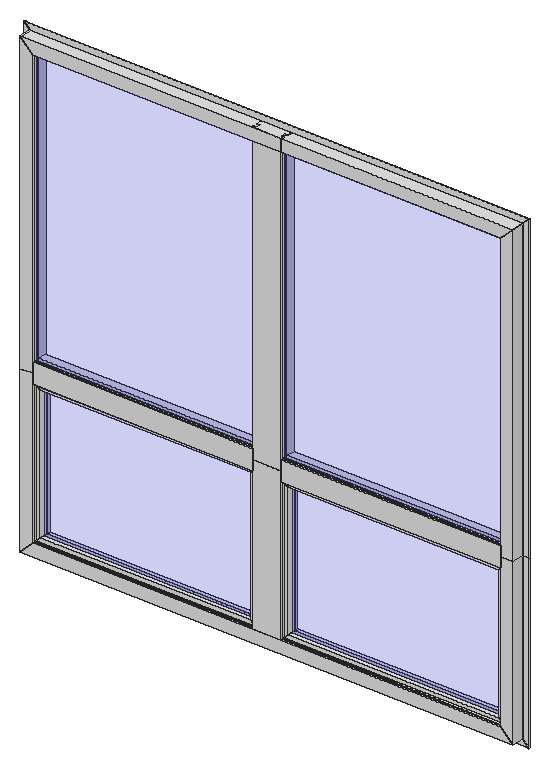
Revit family "511_2H_AWN-UT_stucco key", category Windows, host Wall, Revit 2016 (continued)
Automatic sketch dimensions
  Extrusion 30 sketch curve to plane 4 "Right" = 2.2502"
  plane 15 to Extrusion 30 sketch curve = 0.50335"
  Extrusion 30 sketch curve to Extrusion 30 sketch curve = 0.18915"
  Extrusion 30 sketch curve to plane 6 "Head" = 2 1/4"
  plane 20 to Extrusion 31 sketch curve = 0.088"
  plane 19 to Extrusion 31 sketch curve = 0.30792"
  plane 15 to Extrusion 31 sketch curve = 1.12118"
  Extrusion 31 sketch curve to plane 4 "Right" = 5.00984"
  plane 15 to Extrusion 31 sketch curve = 0.50335"
  Extrusion 31 sketch curve to Extrusion 31 sketch curve = 0.18915"
  Extrusion 31 sketch curve to plane 6 "Head" = 5.00964"
  plane 20 to Extrusion 32 sketch curve = 1.05618"
  Extrusion 32 sketch curve to plane 20 = 0.217"
  Extrusion 32 sketch curve to Extrusion 32 sketch curve = 0.188"  (x2)
  Extrusion 32 sketch curve to plane 4 "Right" = 1 147/256"
  plane 5 "Sill" to Extrusion 32 sketch curve = 1 147/256"
  plane 12 to Extrusion 32 sketch curve = 0.405"
  plane 25 to Extrusion 32 sketch curve = 79/128"
  plane 20 to Extrusion 33 sketch curve = 1.63942"
  Extrusion 33 sketch curve to plane 20 = 0.217"
  Extrusion 33 sketch curve to Extrusion 33 sketch curve = 0.188"  (x2)
  Extrusion 33 sketch curve to plane 4 "Right" = 2.25984"
  plane 5 "Sill" to Extrusion 33 sketch curve = 2.25984"
  plane 12 to Extrusion 33 sketch curve = 0.405"
  plane 25 to Extrusion 33 sketch curve = 1.20042"
  plane 3 "Left" to Extrusion 34 sketch curve = 3.18414"
  Extrusion 34 sketch curve to plane 16 = 0.313"
  Extrusion 34 sketch curve to Extrusion 34 sketch curve = 0.188"  (x2)
  Extrusion 34 sketch curve to plane 23 = 1.28586"
  plane 5 "Sill" to Extrusion 34 sketch curve = 3.18414"
  plane 12 to Extrusion 34 sketch curve = 0.405"
  plane 25 to Extrusion 34 sketch curve = 0.84686"
  plane 3 "Left" to Extrusion 35 sketch curve = 2.40381"
  Extrusion 35 sketch curve to plane 16 = 0.313"
  Extrusion 35 sketch curve to Extrusion 35 sketch curve = 0.188"  (x2)
  Extrusion 35 sketch curve to plane 23 = 1.81619"
  plane 5 "Sill" to Extrusion 35 sketch curve = 2.40381"
  plane 12 to Extrusion 35 sketch curve = 0.405"
  plane 25 to Extrusion 35 sketch curve = 1.37719"
  Extrusion 36 sketch curve to plane 16 = 0.313"
  Extrusion 36 sketch curve to Extrusion 36 sketch curve = 0.188"
  Extrusion 36 sketch curve to plane 14 = 0.50421"
  Extrusion 36 sketch curve to plane 23 = 1.39821"
  Extrusion 36 sketch curve to plane 13 = 0.218"
  Extrusion 36 sketch curve to plane 24 = 0.95916"
  Extrusion 37 sketch curve to plane 24 = 0.56889"
  plane 3 "Left" to Extrusion 37 sketch curve = 2.10288"
  Extrusion 37 sketch curve to plane 16 = 0.313"
  Extrusion 37 sketch curve to Extrusion 37 sketch curve = 0.188"
  Extrusion 37 sketch curve to plane 23 = 1.00794"
  Extrusion 37 sketch curve to plane 13 = 0.218"
  Extrusion 37 sketch curve to plane 14 = 1.27606"
  plane 20 to Extrusion 38 sketch curve = 2.42343"
  Extrusion 38 sketch curve to plane 20 = 0.217"
  plane 19 to Extrusion 38 sketch curve = 0.30792"
  Extrusion 38 sketch curve to plane 24 = 1 63/64"
  Extrusion 38 sketch curve to plane 13 = 0.218"
  Extrusion 38 sketch curve to plane 14 = 0.50421"
  plane 20 to Extrusion 39 sketch curve = 1.095"
  Extrusion 39 sketch curve to plane 20 = 0.217"
  plane 19 to Extrusion 39 sketch curve = 0.30792"
  Extrusion 39 sketch curve to plane 24 = 0.65595"
  Extrusion 39 sketch curve to plane 4 "Right" = 2 7/8"
  Extrusion 39 sketch curve to plane 13 = 0.218"
  Extrusion 39 sketch curve to plane 14 = 0.939"
  plane 22 to Extrusion 40 sketch curve = 1.33903"
  Extrusion 40 sketch curve to plane 22 = 0.1855"
  Extrusion 40 sketch curve to Extrusion 40 sketch curve = 0.188"  (x2)
  Extrusion 40 sketch curve to plane 18 = 0.314"
  plane 21 to Extrusion 40 sketch curve = 0.1865"
  plane 25 to Extrusion 40 sketch curve = 0.062"
  Extrusion 40 sketch curve to plane 21 = 1/2"
  plane 12 to Extrusion 40 sketch curve = 0.17065"
  plane 12 to Extrusion 40 sketch curve = 0.1855"
  Extrusion 40 sketch curve to Extrusion 40 sketch curve = 0.0315"
  Extrusion 40 sketch curve to Extrusion 40 sketch curve = 0.04635"
  plane 25 to Extrusion 40 sketch curve = 0.812"
  Extrusion 41 sketch curve to plane 24 = 0.06195"
  plane 22 to Extrusion 41 sketch curve = 0.5325"
  Extrusion 41 sketch curve to plane 22 = 0.1855"
  Extrusion 41 sketch curve to Extrusion 41 sketch curve = 0.188"  (x2)
  Extrusion 41 sketch curve to plane 18 = 0.314"
  plane 21 to Extrusion 41 sketch curve = 0.1865"
  Extrusion 41 sketch curve to plane 21 = 0.99968"
  Extrusion 41 sketch curve to Extrusion 41 sketch curve = 0.46818"
  Extrusion 41 sketch curve to plane 13 = 0.218"  (x2)
  Extrusion 41 sketch curve to plane 14 = 0.313"
  Extrusion 42 sketch curve to plane 18 = 0.314"
  plane 21 to Extrusion 42 sketch curve = 0.1865"
  Extrusion 42 sketch curve to plane 21 = 0.95125"
  Extrusion 42 sketch curve to plane 24 = 0.4817"
  Extrusion 42 sketch curve to plane 13 = 0.218"
  Extrusion 42 sketch curve to plane 14 = 0.50421"
  plane 22 to Extrusion 47 sketch curve = 1.6265"
  Extrusion 47 sketch curve to plane 22 = 0.1855"
  plane 17 to Extrusion 47 sketch curve = 0.30792"
  Extrusion 47 sketch curve to plane 24 = 1.15595"
  Extrusion 47 sketch curve to plane 13 = 0.218"
  Extrusion 47 sketch curve to plane 11 "HBS" = 1.02381"
  plane 12 to Extrusion 48 sketch curve = 0.405"
  plane 22 to Extrusion 48 sketch curve = 1.1265"
  Extrusion 48 sketch curve to plane 22 = 0.1855"
  Extrusion 48 sketch curve to Extrusion 48 sketch curve = 0.188"  (x2)
  Extrusion 48 sketch curve to Extrusion 48 sketch curve = 0.04635"
  plane 25 to Extrusion 48 sketch curve = 0.61381"
  Extrusion 49 sketch curve to plane 18 = 0.314"
  plane 21 to Extrusion 49 sketch curve = 0.1865"
  Extrusion 49 sketch curve to plane 21 = 0.94472"
  plane 12 to Extrusion 49 sketch curve = 0.405"
  Extrusion 49 sketch curve to Extrusion 49 sketch curve = 0.188"
  Extrusion 49 sketch curve to Extrusion 49 sketch curve = 0.0315"
  plane 25 to Extrusion 49 sketch curve = 0.50672"
  plane 22 to Extrusion 50 sketch curve = 0.62246"
  Extrusion 50 sketch curve to plane 21 = 1.37954"
  plane 5 "Sill" to Extrusion 50 sketch curve = 1 3/8"
  plane 12 to Extrusion 50 sketch curve = 0.405"
  curve 40 to curve 42 = 2 1/2"
  curve 41 to curve 42 = 2 1/2"
  curve 41 to curve 40 = 2 1/2"
  curve 42 to curve 40 = 2 1/2"
  curve 36 to curve 43 = 1 1/2"
  curve 44 to curve 39 = 2 1/2"
  curve 49 to curve 51 = 2 1/2"
  curve 50 to curve 49 = 2 1/2"
  curve 49 to curve 51 = 0"
  curve 51 to curve 49 = 2 1/2"
  curve 45 to curve 52 = 1 1/2"
  curve 53 to curve 45 = 2 1/2"
  curve 57 to plane 25 = 0"
  plane 25 to curve 54 = 0.062"
  plane 25 to curve 55 = 0.0183"
  plane 25 to curve 56 = 0.09373"
  curve 58 to curve 62 = 2 1/2"
  curve 63 to curve 58 = 2"
  curve 66 to curve 65 = 0"
  curve 67 to curve 71 = 2 1/2"
  curve 72 to curve 67 = 2"
  curve 75 to curve 74 = 0"
  Extrusion 7 sketch curve to Extrusion 7 sketch curve = 0.74861"
  plane 15 to Extrusion 8 sketch curve = 0.50335"
  Extrusion 8 sketch curve to Extrusion 8 sketch curve = 0.18935"
  Extrusion 8 sketch curve to Extrusion 8 sketch curve = 0.7445"
  Extrusion 46 sketch curve to Extrusion 46 sketch curve = 0.74861"
  Extrusion 45 sketch curve to Extrusion 45 sketch curve = 0.7445"
  Extrusion 44 sketch curve to Extrusion 44 sketch curve = 0.7445"
  plane 23 to Extrusion 1 sketch curve = 0.21367"
  Extrusion 1 sketch curve to Extrusion 1 sketch curve = 0.7445"
  Extrusion 2 sketch curve to plane 22 = 0.18215"
  Extrusion 2 sketch curve to Extrusion 2 sketch curve = 0.74861"  (x2)
  plane 21 to Extrusion 2 sketch curve = 0.18845"
  Extrusion 3 sketch curve to Extrusion 3 sketch curve = 0.74861"
  Extrusion 6 sketch curve to Extrusion 6 sketch curve = 0.03879"
  Extrusion 6 sketch curve to Extrusion 6 sketch curve = 0.74861"
  Extrusion 5 sketch curve to Extrusion 5 sketch curve = 0.7445"
  Extrusion 5 sketch curve to Extrusion 5 sketch curve = 0.4638"
  Extrusion 5 sketch curve to Extrusion 5 sketch curve = 0.71"
  Extrusion 4 sketch curve to Extrusion 4 sketch curve = 0.74861"
  Extrusion 4 sketch curve to plane 23 = 0.501"
  Extrusion 4 sketch curve to Extrusion 4 sketch curve = 0.03879"
Types (97): name | VBS | MLW | MLCR | MLCL | Interior Color | Height | HBS | Exterior Color | Width
  (no name) | 48" | 6" | 24" | 24" | White | 90" | 32" | White | 96"
  30x24Min | 15" | 1 7/8" | 7 1/2" | 7 1/2" | none | 24" | 12" | none | 30"
  72x72 | 36" | 4 1/2" | 18" | 18" | none | 72" | 30" | none | 72"
  96x96Max | 48" | 6" | 24" | 24" | none | 96" | 32" | none | 96"
  36x36 | 18" | 2 1/4" | 9" | 9" | none | 36" | 15" | none | 36"
  48x48 | 24" | 3" | 12" | 12" | none | 48" | 20" | none | 48"
  60x60 | 30" | 3 3/4" | 15" | 15" | none | 60" | 30" | none | 60"
  84x84 | 42" | 5 1/4" | 21" | 21" | none | 84" | 32" | none | 84"
  30x30 | 15" | 1 7/8" | 7 1/2" | 7 1/2" | none | 30" | 15" | none | 30"
  30x36 | 15" | 1 7/8" | 7 1/2" | 7 1/2" | none | 36" | 15" | none | 30"
  30x42 | 15" | 1 7/8" | 7 1/2" | 7 1/2" | none | 42" | 15" | none | 30"
  30x48 | 15" | 1 7/8" | 7 1/2" | 7 1/2" | none | 48" | 15" | none | 30"
  30x54 | 15" | 1 7/8" | 7 1/2" | 7 1/2" | none | 54" | 15" | none | 30"
  36x24 | 18" | 2 1/4" | 9" | 9" | none | 24" | 12" | none | 36"
  36x30 | 18" | 2 1/4" | 9" | 9" | none | 30" | 15" | none | 36"
  36x42 | 18" | 2 1/4" | 9" | 9" | none | 42" | 18" | none | 36"
  36x48 | 18" | 2 1/4" | 9" | 9" | none | 48" | 24" | none | 36"
  36x54 | 18" | 2 1/4" | 9" | 9" | none | 54" | 24" | none | 36"
  36x60 | 18" | 2 1/4" | 9" | 9" | none | 60" | 24" | none | 36"
  42x24 | 21" | 2 5/8" | 10 1/2" | 10 1/2" | none | 24" | 12" | none | 42"
  42x30 | 21" | 2 5/8" | 10 1/2" | 10 1/2" | none | 30" | 15" | none | 42"
  42x36 | 21" | 2 5/8" | 10 1/2" | 10 1/2" | none | 36" | 15" | none | 42"
  42x42 | 21" | 2 5/8" | 10 1/2" | 10 1/2" | none | 42" | 18" | none | 42"
  42x48 | 21" | 2 5/8" | 10 1/2" | 10 1/2" | none | 48" | 24" | none | 42"
  42x54 | 21" | 2 5/8" | 10 1/2" | 10 1/2" | none | 54" | 30" | none | 42"
  42x60 | 21" | 2 5/8" | 10 1/2" | 10 1/2" | none | 60" | 32" | none | 42"
  42x66 | 21" | 2 5/8" | 10 1/2" | 10 1/2" | none | 66" | 32" | none | 42"
  42x72 | 21" | 2 5/8" | 10 1/2" | 10 1/2" | none | 72" | 32" | none | 42"
  48x42 | 24" | 3" | 12" | 12" | none | 42" | 20" | none | 48"
  48x36 | 24" | 3" | 12" | 12" | none | 36" | 20" | none | 48"
  48x30 | 24" | 3" | 12" | 12" | none | 30" | 15" | none | 48"
  48x54 | 24" | 3" | 12" | 12" | none | 54" | 24" | none | 48"
  48x60 | 24" | 3" | 12" | 12" | none | 60" | 30" | none | 48"
  48x66 | 24" | 3" | 12" | 12" | none | 66" | 32" | none | 48"
  48x72 | 24" | 3" | 12" | 12" | none | 72" | 32" | none | 48"
  54x30 | 27" | 3 3/8" | 13 1/2" | 13 1/2" | none | 30" | 15" | none | 54"
  54x36 | 27" | 3 3/8" | 13 1/2" | 13 1/2" | none | 36" | 15" | none | 54"
  54x42 | 27" | 3 3/8" | 13 1/2" | 13 1/2" | none | 42" | 18" | none | 54"
  54x48 | 27" | 3 3/8" | 13 1/2" | 13 1/2" | none | 48" | 24" | none | 54"
  54x54 | 27" | 3 3/8" | 13 1/2" | 13 1/2" | none | 54" | 24" | none | 54"
  54x60 | 27" | 3 3/8" | 13 1/2" | 13 1/2" | none | 60" | 30" | none | 54"
  54x66 | 27" | 3 3/8" | 13 1/2" | 13 1/2" | none | 66" | 32" | none | 54"
  54x72 | 27" | 3 3/8" | 13 1/2" | 13 1/2" | none | 72" | 32" | none | 54"
  54x78 | 27" | 3 3/8" | 13 1/2" | 13 1/2" | none | 78" | 32" | none | 54"
  54x84 | 27" | 3 3/8" | 13 1/2" | 13 1/2" | none | 84" | 32" | none | 54"
  60x36 | 30" | 3 3/4" | 15" | 15" | none | 36" | 15" | none | 60"
  60x42 | 30" | 3 3/4" | 15" | 15" | none | 42" | 18" | none | 60"
  60x48 | 30" | 3 3/4" | 15" | 15" | none | 48" | 24" | none | 60"
  60x54 | 30" | 3 3/4" | 15" | 15" | none | 54" | 24" | none | 60"
  60x66 | 30" | 3 3/4" | 15" | 15" | none | 66" | 32" | none | 60"
  60x72 | 30" | 3 3/4" | 15" | 15" | none | 72" | 32" | none | 60"
  60x78 | 30" | 3 3/4" | 15" | 15" | none | 78" | 32" | none | 60"
  60x84 | 30" | 3 3/4" | 15" | 15" | none | 84" | 32" | none | 60"
  66x36 | 33" | 4 1/8" | 16 1/2" | 16 1/2" | none | 36" | 15" | none | 66"
  66x42 | 33" | 4 1/8" | 16 1/2" | 16 1/2" | none | 42" | 18" | none | 66"
  66x48 | 33" | 4 1/8" | 16 1/2" | 16 1/2" | none | 48" | 24" | none | 66"
  66x54 | 33" | 4 1/8" | 16 1/2" | 16 1/2" | none | 54" | 24" | none | 66"
  66x60 | 33" | 4 1/8" | 16 1/2" | 16 1/2" | none | 60" | 30" | none | 66"
  66x66 | 33" | 4 1/8" | 16 1/2" | 16 1/2" | none | 66" | 32" | none | 66"
  66x72 | 33" | 4 1/8" | 16 1/2" | 16 1/2" | none | 72" | 32" | none | 66"
  66x78 | 33" | 4 1/8" | 16 1/2" | 16 1/2" | none | 78" | 32" | none | 66"
  66x84 | 33" | 4 1/8" | 16 1/2" | 16 1/2" | none | 84" | 32" | none | 66"
  66x90 | 33" | 4 1/8" | 16 1/2" | 16 1/2" | none | 90" | 32" | none | 66"
  72x42 | 36" | 4 1/2" | 18" | 18" | none | 42" | 18" | none | 72"
  72x48 | 36" | 4 1/2" | 18" | 18" | none | 48" | 24" | none | 72"
  72x54 | 36" | 4 1/2" | 18" | 18" | none | 54" | 24" | none | 72"
  72x60 | 36" | 4 1/2" | 18" | 18" | none | 60" | 30" | none | 72"
  72x66 | 36" | 4 1/2" | 18" | 18" | none | 66" | 32" | none | 72"
  72x78 | 36" | 4 1/2" | 18" | 18" | none | 78" | 32" | none | 72"
  72x84 | 36" | 4 1/2" | 18" | 18" | none | 84" | 32" | none | 72"
  72x90 | 36" | 4 1/2" | 18" | 18" | none | 90" | 32" | none | 72"
  72x96 | 36" | 4 1/2" | 18" | 18" | none | 96" | 32" | none | 72"
  78x42 | 39" | 4 7/8" | 19 1/2" | 19 1/2" | none | 42" | 18" | none | 78"
  78x48 | 39" | 4 7/8" | 19 1/2" | 19 1/2" | none | 48" | 24" | none | 78"
  78x54 | 39" | 4 7/8" | 19 1/2" | 19 1/2" | none | 54" | 24" | none | 78"
  78x60 | 39" | 4 7/8" | 19 1/2" | 19 1/2" | none | 60" | 30" | none | 78"
  78x66 | 39" | 4 7/8" | 19 1/2" | 19 1/2" | none | 66" | 32" | none | 78"
  78x72 | 39" | 4 7/8" | 19 1/2" | 19 1/2" | none | 72" | 32" | none | 78"
  78x78 | 39" | 4 7/8" | 19 1/2" | 19 1/2" | none | 78" | 32" | none | 78"
  78x84 | 39" | 4 7/8" | 19 1/2" | 19 1/2" | none | 84" | 32" | none | 78"
  78x90 | 39" | 4 7/8" | 19 1/2" | 19 1/2" | none | 90" | 32" | none | 78"
  78x96 | 39" | 4 7/8" | 19 1/2" | 19 1/2" | none | 96" | 32" | none | 78"
  84x48 | 42" | 5 1/4" | 21" | 21" | none | 48" | 24" | none | 84"
  84x54 | 42" | 5 1/4" | 21" | 21" | none | 54" | 24" | none | 84"
  84x60 | 42" | 5 1/4" | 21" | 21" | none | 60" | 30" | none | 84"
  84x66 | 42" | 5 1/4" | 21" | 21" | none | 66" | 32" | none | 84"
  84x72 | 42" | 5 1/4" | 21" | 21" | none | 72" | 32" | none | 84"
  84x78 | 42" | 5 1/4" | 21" | 21" | none | 78" | 32" | none | 84"
  84x90 | 42" | 5 1/4" | 21" | 21" | none | 90" | 32" | none | 84"
  84x96 | 42" | 5 1/4" | 21" | 21" | none | 96" | 32" | none | 84"
  96x54 | 48" | 6" | 24" | 24" | none | 54" | 24" | none | 96"
  96x60 | 48" | 6" | 24" | 24" | none | 60" | 30" | none | 96"
  96x66 | 48" | 6" | 24" | 24" | none | 66" | 32" | none | 96"
  96x72 | 48" | 6" | 24" | 24" | none | 72" | 32" | none | 96"
  96x78 | 48" | 6" | 24" | 24" | none | 78" | 32" | none | 96"
  96x84 | 48" | 6" | 24" | 24" | none | 84" | 32" | none | 96"
  96x90 | 48" | 6" | 24" | 24" | White | 90" | 32" | White | 96"
